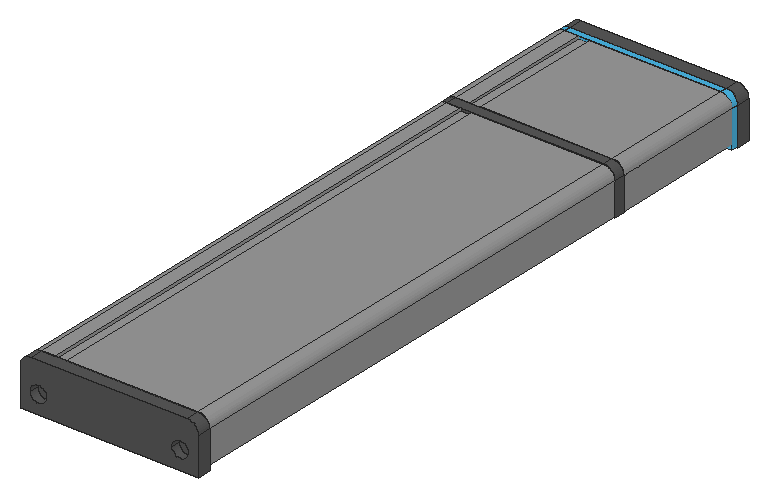
Revit family "JC KONTAKTER JCK287 SV", category Specialty Equipment, host Face, Revit 2025
Family settings
  Host = Face
  Round Connector Dimension = Use Diameter
  Part Type = Normal
  Enable Cutting in Views = Yes
  Cut with Voids When Loaded = No
  Maintain Annotation Orientation = Yes
  Shared = No
  Room Calculation Point = No
Parameters (values of type "JCK287")
  Voltage = 24 V
  Underdel = Aluminum ENAW 6060
  URL = "https://jckontakter.se/produkt/armbagskontakter-metall/armbagskontakt-led-jck287/"
  Tillverkningsland = "Sverige"
  Tekniskt produktblad = "https://jckontakter.se/wp-content/uploads/Tekniskt-produktblad_JCK287.pdf"
  Produktvikt = "0.396 kg"
  Power factor = 1
  Placering av armbågskontakt = "https://jckontakter.se/start/nyheter-och-information/armbagskontakter-placering-riktlinjer/"
  Nominell märkström = "12 V Resistive 6A Inductive L/R 5 ms 6A, 24 V Resistive 6A Inductive L/R 5 ms 5A"
  Model = "JCK287"
  Mikrobrytare = "Standard NO/NC IP67 (tre ledare)"
  Mellanvägg = POM Tenac C 4520
  Mikrobrytare (lås) = "Standard NO IP67 (två ledare)"
  Manufacturer = "JC Kontakter"
  Lägsta märkström = "1mA/4 V DC"
  Lock = Aluminum ENAW 6060
  Låslock = Aluminum ENAW 6060
  Lins = Akryl
  End Cap = POM Tenac C 4520
  Description = ""
  Default Elevation = 800 mm
  CE Dokument = "https://jckontakter.se/wp-content/uploads/CE_Dokument.pdf"
Reference planes
  plane 1 "Center (Front/Back)": y = 0
  plane 2: z = 0
  plane 3 "Center (Left/Right)": x = 0
  plane 4 "A": y = -154
Lines and regions (mm)
  symbolic lines
    curve 1: line (-50, 0, 50) -> (50, 0, 50)
    curve 2: line (-50, 0, 0) -> (-50, 0, 50)
    curve 3: line (50, 0, 0) -> (-50, 0, 0)
    curve 4: line (50, 0, 50) -> (50, 0, 0)
    curve 5: line (-40, 154, 0) -> (40, 154, 0)
    curve 6: line (-40, -154, 0) -> (-40, 154, 0)
    curve 7: line (40, -154, 0) -> (-40, -154, 0)
    curve 8: line (40, 154, 0) -> (40, -154, 0)
Text (mm)
  text "Ta bort denna texten innan användning.\n\nPlaceringinstruktioner:\n\n1. Ladda in i projektet.\n2. Håll muspekaren över den yta där familjen ska placeras.\n3. Om familjen visas roterad, markera alternativet \"rotera efter placering\".\n4. Klicka på den önskade ytan.\n5. Skriv in önskad vinkel.\n6. Tryck på Enter." at (123.173, 1072.34, 0), in view "Ref. Level"
Dimensions and locks
  aligned and locked: plane 2 to host face
  aligned and locked: level to host face
Nested families
  nested 1: "AK_287" at (0, -154, 0) x (1, 0, 0) z (0, 1, 0), type "AK_287", detail levels medium+fine
Connectors
  electrical at (-2.77, -1.5, 0), driven by "Voltage", driven by "Power factor"
    settings: on nested 1, index 1, voltage 24 V, apparent load 0 VA, apparent load phase1 0 VA, apparent load phase2 0 VA, apparent load phase3 0 VA, power factor 1, load classification "Other", number of poles 1, system type 31, power factor state 1, is connector primary yes, connector utility no, sub classification motor no, connector description ""
Definition of nested family "AK_287"
  Parameters (values of type "AK_287")
    Middle separator = none
    Lid (Secondary) = none
    Lens = none
    Default Elevation = 800 mm
    Core Finish = none
    URL = "https://jckontakter.se/produkt/armbagskontakter-metall/armbagskontakt-i-aluminium-jck287/"
    Model = "JCK287"  # constant formula
    Manufacturer = "JC Kontakter"  # constant formula
    Lid Finish = none
    End Cap Finish = none
    Description = "JCK287 tillhör en serie armbågskontakter med dubbla tryckytor som gör det möjligt att koppla t.ex. en extra dörr eller ett lås. JCK227 är tillverkad i silvereloxerad aluminium med svarta endcaps. Båda tryckytorna är utformade med fyra taktila rillor och fungerar som extra vägledning för personer med synnedsättning. Man kan enkelt känna sig till vart man ska trycka för att aktivera dörröppning."  # constant formula
  Reference planes
    plane 1 "Center (Front/Back)": y = 0
    plane 2: z = 0
    plane 3 "Center (Left/Right)": x = 0
    plane 4 "1": x = 40
    plane 5 "A": z = 6
    plane 6 "B": z = 302
    plane 7 "C": z = 233
  Forms (mm)
    Extrusion 1, solid, material <- "Core Finish"
      sketch origin (40, 0, 6) x (1, 0, 0) y (0, 1, 0)
        loop
          line (-80, 0) -> (-80, -1.2) -> (-75, -1.2) -> (-75, -8.75) -> (-73.2, -8.75) -> (-73.2, -1.2) -> (-11.2, -1.2) -> (-11.2, -8.75) -> (-2.249, -8.75)
          arc (-2.249, -8.75) -> (-3.331, -3.54) -> (-8.11, -1.2) r 6.05
          line (-8.11, -1.2) -> (-5.54, -1.2) -> (-5.54, 0) -> (-80, 0)
      from 0 to 293
    Extrusion 2, solid, material <- "Lid Finish"
      sketch origin (-40, 0, 6) x (-1, 0, 0) y (0, -1, 0)
        loop
          line (0, 6.4) -> (0, 16.83)
          arc (0, 16.83) -> (-1.464, 20.366) -> (-5, 21.83) r 5
          line (-5, 21.83) -> (-11, 21.83) -> (-11, 20.83) -> (-16, 20.83) -> (-16, 21.83) -> (-75, 21.83)
          arc (-75, 21.83) -> (-78.536, 20.366) -> (-80, 16.83) r 5
          line (-80, 16.83) -> (-80, 2.38) -> (-78.4, 2.38) -> (-78.4, 11.41) -> (-3.92, 11.41) -> (-0.92, 6.4) -> (0, 6.4)
      from 0 to 227
    Extrusion 3, solid, material <- "End Cap Finish"
      sketch origin (-40, 0, 0) x (1, 0, 0) y (0, 1, 0)
        loop
          arc (0, -16.83) -> (1.464, -20.366) -> (5, -21.83) r 5
          line (5, -21.83) -> (75, -21.83)
          arc (75, -21.83) -> (78.536, -20.366) -> (80, -16.83) r 5
          line (80, -16.83) -> (80, 0) -> (0, 0) -> (0, -16.83)
      from 0 to 6
    Extrusion 4, solid, material <- "End Cap Finish"
      sketch origin (0, 0, 302) x (-1, 0, 0) y (0, -1, 0)
        loop
          arc (40, 16.83) -> (38.536, 20.366) -> (35, 21.83) r 5
          line (35, 21.83) -> (-35, 21.83)
          arc (-35, 21.83) -> (-38.536, 20.366) -> (-40, 16.83) r 5
          line (-40, 16.83) -> (-40, 0) -> (40, 0) -> (40, 16.83)
      from 0 to 6
    Extrusion 5, solid, material <- "Lid (Secondary)"
      sketch origin (0, 0, 233) x (-1, 0, 0) y (0, -1, 0)
        loop
          line (36.08, 11.41) -> (39.08, 6.4) -> (40, 6.4) -> (40, 16.83)
          arc (40, 16.83) -> (38.536, 20.366) -> (35, 21.83) r 5
          line (35, 21.83) -> (29, 21.83) -> (29, 20.83) -> (24, 20.83) -> (24, 21.83) -> (-35, 21.83)
          arc (-35, 21.83) -> (-38.536, 20.366) -> (-40, 16.83) r 5
          line (-40, 16.83) -> (-40, 2.38) -> (-38.4, 2.38) -> (-38.4, 11.41) -> (36.08, 11.41)
      from 5 to 66
    Extrusion 6, solid, material <- "Middle separator"
      sketch origin (0, 0, 233) x (-1, 0, 0) y (0, -1, 0)
        loop
          line (-19.5, 16.33) -> (35, 16.33) -> (35, 5) -> (40, 5) -> (40, 16.83)
          arc (40, 16.83) -> (38.536, 20.366) -> (35, 21.83) r 5
          line (35, 21.83) -> (-35, 21.83)
          arc (-35, 21.83) -> (-38.536, 20.366) -> (-40, 16.83) r 5
          line (-40, 16.83) -> (-40, 2) -> (-34.897, 2)
          arc (-34.897, 2) -> (-37.462, 4.894) -> (-37.751, 8.75) r 6.05
          line (-37.751, 8.75) -> (-19.5, 8.75) -> (-19.5, 16.33)
      from 0 to 5
    Extrusion 7, solid, material <- "Lens", detail levels medium+fine
      sketch origin (0, 0, 302) x (-1, 0, 0) y (0, -1, 0)
        loop
          line (40, 0) -> (40, 16.83)
          arc (40, 16.83) -> (38.536, 20.366) -> (35, 21.83) r 5
          line (35, 21.83) -> (-35, 21.83)
          arc (-35, 21.83) -> (-38.536, 20.366) -> (-40, 16.83) r 5
          line (-40, 16.83) -> (-40, 0) -> (40, 0)
      from 0 to -3
    Extrusion 8, void
      sketch origin (0, 0, 0) x (1, 0, 0) y (0, 1, 0)
        loop
          circle (-31.75, -8.25) r 3.75
        loop
          circle (31.75, -8.25) r 3.75
      from 0 to 4
    Extrusion 9, void
      sketch origin (0, 0, 302) x (-1, 0, 0) y (0, -1, 0)
        loop
          circle (31.75, 8.25) r 3.75
        loop
          circle (-31.75, 8.25) r 3.75
      from 2 to 6
  Cuts and joins
    Extrusion 8, Extrusion 9 cuts Extrusion 3
    Extrusion 9 cuts Extrusion 4
  Dimensions and locks
    aligned and locked: level to plane 2
